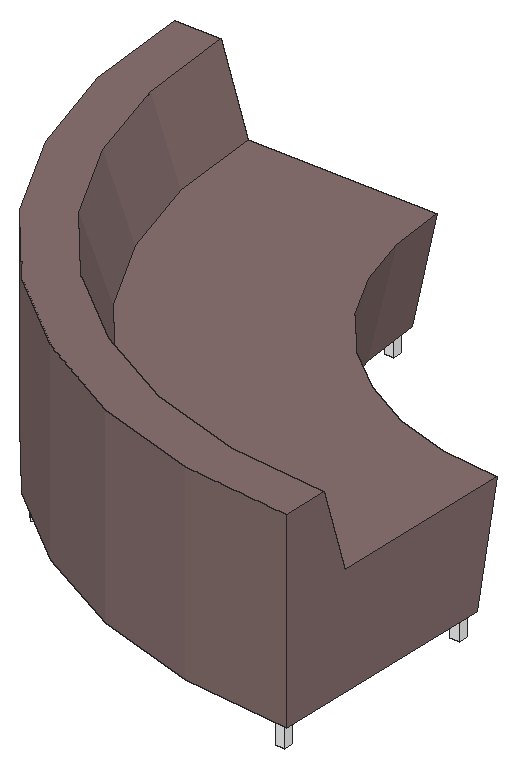
Revit family
Parameters (values of type "Curved_Couch")
  Chair-Seat = Red Fabric
  Chair-Legs = Chrome Legs
  Chair-Back = Red Fabric
  Assembly Code = ""
Reference planes (in)
  plane 1 "Center F/B": y = 0
  plane 2: z = 0
  plane 3 "Center L/R": x = 0
  plane 4: z = 3
Forms (in)
  Extrusion 1, solid, material "Render Material 255-255-255"
    sketch origin (4.0151658, 18.2317548, 0) x (-1, 0, 0) y (0, -1, 0)
      loop
        line (-0.9553839, -34.4136814) -> (0.2946161, -34.4136814) -> (0.2946161, -33.1636814) -> (-0.9553839, -33.1636814) -> (-0.9553839, -34.4136814)
    from 0 to 3
  Extrusion 2, solid, material "Render Material 255-255-255"
    sketch origin (4.0151658, -11.5182452, 0) x (-1, 0, 0) y (0, -1, 0)
      loop
        line (-0.9553839, -34.4136814) -> (0.2946161, -34.4136814) -> (0.2946161, -33.1636814) -> (-0.9553839, -33.1636814) -> (-0.9553839, -34.4136814)
    from 0 to 3
  Sweep 3, solid, material "Cow 3 white"
    path origin (0, 0, 24) x (1, 0, 0) y (0, 1, 0)
      loop
        arc (5.708581, 58.4139989) -> (-21.8685834, 69.8368345) -> (-33.291419, 97.4139989) r 39
    profile origin (-21.8685834, 69.8368345, 24) x (-0.707107, -0.707107, 0) y (0, 0, 1)
      loop
        line (37.4052576, 5.1088065) -> (31.0798235, 5.1088065) -> (27.4703534, -6) -> (1.5780867, -6) -> (5.0411095, -21) -> (37.4052576, -21) -> (37.4052576, 5.1088065)
  Extrusion 4, solid, material "Render Material 255-255-255"
    sketch origin (-35.6198338, 95.5323078, 0) x (0, -1, 0) y (1, 0, 0)
      loop
        line (-0.9553839, -34.4136814) -> (0.2946161, -34.4136814) -> (0.2946161, -33.1636814) -> (-0.9553839, -33.1636814) -> (-0.9553839, -34.4136814)
    from 0 to 3
  Extrusion 5, solid, material "Render Material 255-255-255"
    sketch origin (-5.8698338, 95.5323078, 0) x (0, -1, 0) y (1, 0, 0)
      loop
        line (-0.9553839, -34.4136814) -> (0.2946161, -34.4136814) -> (0.2946161, -33.1636814) -> (-0.9553839, -33.1636814) -> (-0.9553839, -34.4136814)
    from 0 to 3
  Extrusion 6, solid, material "Render Material 255-255-255"
    sketch origin (-22.8868015, 67.8630148, 0) x (0.707107, -0.707107, 0) y (0.707107, 0.707107, 0)
      loop
        line (-0.9553839, -34.4136814) -> (0.2946161, -34.4136814) -> (0.2946161, -33.1636814) -> (-0.9553839, -33.1636814) -> (-0.9553839, -34.4136814)
    from 0 to 3
  Extrusion 7, solid, material "Render Material 255-255-255"
    sketch origin (-1.8503747, 88.8994415, 0) x (0.707107, -0.707107, 0) y (0.707107, 0.707107, 0)
      loop
        line (-0.9553839, -34.4136814) -> (0.2946161, -34.4136814) -> (0.2946161, -33.1636814) -> (-0.9553839, -33.1636814) -> (-0.9553839, -34.4136814)
    from 0 to 3
Lines and regions (in)
  symbolic lines
    curve 1: line (-53.3419997, 19.8509024, 0) -> (-69.6873543, 37.9081273, 0)
    curve 2: line (-37.5242243, 32.5277233, 0) -> (-50.0291411, 53.3633333, 0)
    curve 3: line (-19.3594029, 40.2514102, 0) -> (-26.2488986, 63.5582377, 0)
    curve 4: line (0, 42.852193, 0) -> (0, 67.152193, 0)
    curve 5: line (19.3594029, 40.2514102, 0) -> (26.2488986, 63.5582377, 0)
    curve 6: line (37.5242243, 32.5277233, 0) -> (50.0291411, 53.3633333, 0)
    curve 7: line (53.3419997, 19.8509024, 0) -> (69.6873543, 37.9081273, 0)
Dimensions and locks (in)
  plane 4 to level = 0' - 3"
